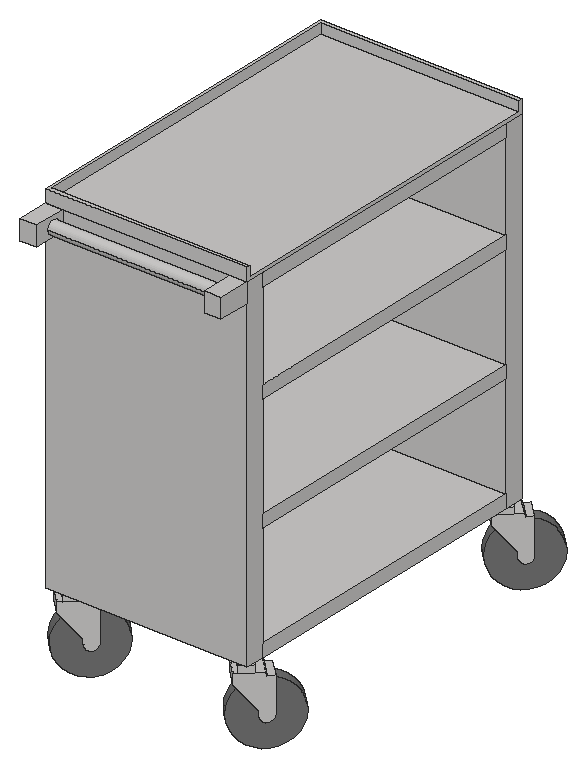
Revit family "QF_Vollrath_97180", category Specialty Equipment, Revit 2016
Family settings
  Part Type = Normal
  Round Connector Dimension = Use Diameter
  OmniClass Number = 23.40.40.14.17
  OmniClass Title = Food Cooking Equipment
  Work Plane-Based = No
  Always vertical = Yes
  Cut with Voids When Loaded = No
  Shared = No
  Room Calculation Point = No
Parameters (values of type "97180")
  Width [instance] = 15.50"
  Weight in Pounds = 47.1
  Watermarked By = "http://revitwatermark.com"
  URL Cutsheet = ""
  URL = ""
  Status [instance] = ""
  Specification by User [instance] = ""
  Specification by Manufacturer [instance] = ""
  Serial Number [instance] = ""
  Seismic Rating [instance] = ""
  Revision Code [instance] = ""
  NAFEM Spec ID Number [instance] = ""
  Model = "97180"
  Masterspec = ""
  Manufacturer = "Vollrath"
  Item Number [instance] = "-"
  Installed By [instance] = ""
  Identify Quantity as Lot [instance] = no
  Furnished By [instance] = ""
  Foodservice Equipment Identifier [instance] = yes
  Description = "Cart, Bussing"
  Depth [instance] = 39.25"
  CSI MasterFormat = "11 48 13"
  Assembly Code = "E1090320"
Reference planes (in)
  plane 1 "BACK": y = -5.62
  plane 2: z = 0
  plane 3 "LEFT": x = 0
  plane 4 "TOP": z = 33.63
  plane 5 "RIGHT": x = 15.5
  plane 6 "FRONT": y = -32.09
  plane 7: z = 6
  plane 8: z = 7
  plane 9: x = 1.5
  plane 10: y = -7.12
  plane 11: x = 14
  plane 12: y = -30.59
  plane 13: y = -18.855
  plane 14: z = 19.56
  plane 15: y = -34.59
  plane 16: z = 14.94
  plane 17: z = 23.88
  plane 18: z = 32.63
Forms (in)
  Extrusion 1, solid, material "QF_Finishes_Stainless Steel"
    sketch origin (0, 0, 42.38) x (-1, 0, 0) y (0, -1, 0)
      loop
        line (-1.5, 7.12) -> (-1.5, 30.59) -> (-14, 30.59) -> (-15.5, 30.59) -> (-15.5, 7.12) -> (-14, 7.12) -> (-1.5, 7.12)
    from -10.75 to -9.75
  Extrusion 2, solid, material "QF_Finishes_Stainless Steel"
    sketch origin (0, 0, 16.75) x (-1, 0, 0) y (0, -1, 0)
      loop
        line (-1.5, 7.12) -> (-15.5, 7.12) -> (-15.5, 5.62) -> (0, 5.62) -> (0, 32.09) -> (-15.5, 32.09) -> (-15.5, 30.59) -> (-1.5, 30.59) -> (-1.5, 7.12)
    from -10.75 to 15.88
  Extrusion 3, solid, material "QF_Finishes_Stainless Steel"
    sketch origin (0, 0, 25.69) x (-1, 0, 0) y (0, -1, 0)
      loop
        line (-1.5, 7.12) -> (-1.5, 30.59) -> (-14, 30.59) -> (-15.5, 30.59) -> (-15.5, 7.12) -> (-14, 7.12) -> (-1.5, 7.12)
    from -10.75 to -9.75
  Extrusion 4, solid, material "QF_Finishes_Stainless Steel"
    sketch origin (0, 0, 16.75) x (-1, 0, 0) y (0, -1, 0)
      loop
        line (-1.5, 7.12) -> (-1.5, 30.59) -> (-14, 30.59) -> (-15.5, 30.59) -> (-15.5, 7.12) -> (-14, 7.12) -> (-1.5, 7.12)
    from -10.75 to -9.75
  Extrusion 5, solid, material "QF_Finishes_Stainless Steel"
    sketch origin (0, 0, 0) x (0, 1, 0) y (0, 0, 1)
      loop
        line (-32.09, 31.13) -> (-32.09, 32.63) -> (-34.59, 32.63) -> (-34.59, 31.13) -> (-32.09, 31.13)
    from 0 to 1.27197
  Extrusion 6, solid, material "QF_Finishes_Stainless Steel"
    sketch origin (21.31638, 0, 0) x (0, 1, 0) y (0, 0, 1)
      loop
        line (-32.09, 31.13) -> (-32.09, 32.63) -> (-34.59, 32.63) -> (-34.59, 31.13) -> (-32.09, 31.13)
    from -7.08836 to -5.81638
  Extrusion 7, solid, material "QF_Finishes_Stainless Steel"
    sketch origin (0, 0, 0) x (0, 1, 0) y (0, 0, 1)
      loop
        circle (-33.06025, 31.86636) r 0.5
    from 1.27197 to 14.22803
  Extrusion 8, solid, material "QF_Finishes_Stainless Steel"
    sketch origin (0, 0, 34.63) x (-1, 0, 0) y (0, -1, 0)
      loop
        line (-1.5, 7.12) -> (-1.5, 30.59) -> (-14, 30.59) -> (-15.5, 30.59) -> (-15.5, 7.12) -> (-14, 7.12) -> (-1.5, 7.12)
    from -10.75 to -9.75
  Sweep 9, solid, material "QF_Finishes_Stainless Steel"
    path origin (0, 0, 0) x (1, 0, 0) y (0, 1, 0)
      loop
        line (15.5, -5.62) -> (0, -5.62) -> (0, -32.09) -> (15.5, -32.09)
    profile origin (7.75, -5.62, 0) x (0, -1, 0) y (0, 0, 1)
      loop
        line (1.5, 32.63) -> (1.5, 32.88) -> (0.25, 32.88) -> (0.25, 33.63) -> (0, 33.63) -> (0, 32.63) -> (1.5, 32.63)
  Extrusion 10, solid, material "QF_Finishes_Stainless Steel"
    sketch origin (0, 0, 16.75) x (-1, 0, 0) y (0, -1, 0)
      loop
        line (-1.5, 7.12) -> (-1.5, 30.59) -> (-15.5, 30.59) -> (-15.5, 7.12) -> (-1.5, 7.12)
    from 15.88 to 16.13
Cuts and joins
  joined: Sweep 9, Extrusion 10
Lines and regions (in)
  symbolic lines
    curve 1: line (0, -5.62, 16.75) -> (0, -32.09, 16.75)
    curve 2: line (15.5, -32.09, 16.75) -> (15.5, -5.62, 16.75)
    curve 3: line (0, -32.09, 16.75) -> (15.5, -32.09, 16.75)
    curve 4: line (14.22803, -33.59, 16.75) -> (1.27197, -33.59, 16.75)
    curve 5: line (1.27197, -34.59, 16.75) -> (1.27197, -32.09, 16.75)
    curve 6: line (1.27197, -34.59, 16.75) -> (0, -34.59, 16.75)
    curve 7: line (0, -32.09, 16.75) -> (0, -34.59, 16.75)
    curve 8: line (1.27197, -32.59, 16.75) -> (14.22803, -32.59, 16.75)
    curve 12: line (15.5, -5.62, 16.75) -> (0, -5.62, 16.75)
  symbolic lines, style "SpecialityEquipment"
    curve 9: line (14.22803, -32.09, 16.75) -> (14.22803, -34.59, 16.75)
    curve 10: line (14.22803, -34.59, 16.75) -> (15.5, -34.59, 16.75)
    curve 11: line (15.5, -34.59, 16.75) -> (15.5, -32.09, 16.75)
Dimensions and locks (in)
  plane 4 "TOP" to level = 33.63"
  "Width": plane 3 "LEFT" to plane 5 "RIGHT"
  plane 10 to plane 1 "BACK" = 1.50"
  plane 6 "FRONT" to plane 12 = 1.50"
  plane 6 "FRONT" to plane 1 "BACK" = 26.47"
  equal spacing: plane 6 "FRONT", plane 13, plane 1 "BACK"
  Extrusion 5 to plane 6 "FRONT" = 2.50"
  plane 3 "LEFT" to plane 9 = 1.50"
  plane 11 to plane 5 "RIGHT" = 1.50"
  aligned and locked: level to plane 2
Automatic sketch dimensions
  Extrusion 1 sketch curve to plane 5 "RIGHT" = 0.00"
  plane 1 "BACK" to Extrusion 1 sketch curve = 1.50"
  Extrusion 1 sketch curve to plane 11 = 0.00"  (x4)
  plane 3 "LEFT" to Extrusion 1 sketch curve = 1.50"
  plane 10 to Extrusion 1 sketch curve = 0.00"  (x2)
  plane 12 to Extrusion 1 sketch curve = 0.00"  (x3)
  Extrusion 3 sketch curve to plane 5 "RIGHT" = 0.00"
  plane 1 "BACK" to Extrusion 3 sketch curve = 1.50"
  Extrusion 3 sketch curve to plane 11 = 0.00"  (x4)
  plane 3 "LEFT" to Extrusion 3 sketch curve = 1.50"
  plane 10 to Extrusion 3 sketch curve = 0.00"  (x2)
  plane 12 to Extrusion 3 sketch curve = 0.00"  (x3)
  Extrusion 4 sketch curve to plane 5 "RIGHT" = 0.00"
  plane 1 "BACK" to Extrusion 4 sketch curve = 1.50"
  Extrusion 4 sketch curve to plane 11 = 0.00"  (x4)
  plane 3 "LEFT" to Extrusion 4 sketch curve = 1.50"
  plane 10 to Extrusion 4 sketch curve = 0.00"  (x2)
  plane 12 to Extrusion 4 sketch curve = 0.00"  (x3)
  Extrusion 5 sketch curve to plane 15 = 0.00"
  Extrusion 5 sketch curve to plane 6 "FRONT" = 0.00"
  Extrusion 5 sketch curve to plane 4 "TOP" = 2.50"
  Extrusion 5 sketch curve to plane 4 "TOP" = 1.00"
  Extrusion 6 sketch curve to plane 15 = 0.00"
  Extrusion 6 sketch curve to plane 6 "FRONT" = 0.00"
  Extrusion 6 sketch curve to plane 4 "TOP" = 2.50"
  Extrusion 6 sketch curve to plane 4 "TOP" = 1.00"
  plane 6 "FRONT" to Extrusion 7 sketch curve = 0.97025"
  Extrusion 7 sketch curve to plane 4 "TOP" = 1.76364"
  Extrusion 8 sketch curve to plane 5 "RIGHT" = 0.00"
  plane 1 "BACK" to Extrusion 8 sketch curve = 1.50"
  Extrusion 8 sketch curve to plane 11 = 0.00"  (x4)
  plane 3 "LEFT" to Extrusion 8 sketch curve = 1.50"
  plane 10 to Extrusion 8 sketch curve = 0.00"  (x2)
  plane 12 to Extrusion 8 sketch curve = 0.00"  (x3)
  Extrusion 2 sketch curve to plane 5 "RIGHT" = 0.00"  (x2)
  Extrusion 2 sketch curve to plane 9 = 0.00"
  plane 1 "BACK" to Extrusion 2 sketch curve = 0.00"
  Extrusion 2 sketch curve to plane 3 "LEFT" = 0.00"
  plane 10 to Extrusion 2 sketch curve = 0.00"
  plane 12 to Extrusion 2 sketch curve = 0.00"
  plane 6 "FRONT" to Extrusion 2 sketch curve = 0.00"
  Extrusion 8 sketch curve to plane 9 = 0.00"  (x2)
  Extrusion 3 sketch curve to plane 9 = 0.00"  (x2)
  Extrusion 4 sketch curve to plane 9 = 0.00"  (x2)
  Extrusion 1 sketch curve to plane 9 = 0.00"  (x2)
  plane 1 "BACK" to Sweep 9 sketch curve = 0.00"
  Sweep 9 sketch curve to plane 3 "LEFT" = 0.00"
  Sweep 9 sketch curve to plane 5 "RIGHT" = 0.00"  (x2)
  plane 6 "FRONT" to Sweep 9 sketch curve = 0.00"
  Sweep 9 sketch curve to profile plane = 0.00"
  Sweep 9 sketch curve to Sweep 9 sketch curve = 0.25"  (x2)
  Sweep 9 sketch curve to Sweep 9 sketch curve = 1.25"
  level to Sweep 9 sketch curve = 32.63"
  Sweep 9 sketch curve to Sweep 9 sketch curve = 0.75"
  curve 11 to plane 5 "RIGHT" = 0.00"
  plane 6 "FRONT" to curve 9 = 0.00"
  curve 9 to plane 15 = 0.00"
  curve 6 to plane 15 = 0.00"
  curve 6 to plane 3 "LEFT" = 0.00"
  plane 1 "BACK" to curve 1 = 0.00"
  plane 11 to curve 4 = 0.22803"
  curve 4 to plane 9 = 0.22803"
  curve 9 to curve 8 = 0.50"
  curve 8 to curve 4 = 1.00"
  Extrusion 10 sketch curve to plane 5 "RIGHT" = 0.00"
  Extrusion 10 sketch curve to plane 9 = 0.00"
  plane 10 to Extrusion 10 sketch curve = 0.00"
  plane 12 to Extrusion 10 sketch curve = 0.00"
  radius of Extrusion 7 sketch curve = 0.50"
Nested families (in)
  nested 1: "FESCaster" at (1, -6.37, 0), type "FESCaster"
    with Height 6.00", Caster Radius 2.50"
  nested 2: "FESCaster" at (14.75, -6.37, 0), type "FESCaster"
    with Height 6.00", Caster Radius 2.50"
  nested 3: "FESCaster" at (1, -31.09, 0), type "FESCaster"
    with Height 6.00", Caster Radius 2.50"
  nested 4: "FESCaster" at (14.75, -31.34, 0), type "FESCaster"
    with Height 6.00", Caster Radius 2.50"
Definition of nested family "FESCaster"
  Parameters
    Watermarked By = "http://revitwatermark.com"
    Type Comments = "⍁⍉⌁⌀⏭⎽⌇⍠⌜⍉⎖⌥⌦⌯⍭⏊⍻⍿⍊⏵⍊⏗⏠⍴⎡⌈⎀⍠⌓⌤⏘⎐⍀⌐⏬⏁⎈⏍⏦⎒⏬⌝⍩⍇⌣〈⎫〉⎁⏊⍥⍖⍥⍝⍦⌖⍀⏌⏭⎝⎼⏷⏞⍻⏯⎽⏷⏞⍻⏯⎽⏷⎺⌻⎝⍎⌧⏷⏟⏿⌿⍜⍦⍤⌁⍬⏶⏎⍊⏚⏉⎞⌡⎀⎪⏈⌟⌿⍾⍼⌟⌿⌢⌞⏞⏝⌻⎸⎻⎷⎳⎻⎛⌞⌼⏚⍿⏸⍨⏷⍡⍺⏼⏅⎏⌽⌻⍽⎝⍮⎧⍏⏳⏲⎼⏈⏋⏙⎏⏽⏘⍹⏞⌜⏼⍴⏶⏮⏿⌁"
    Height [instance] = 6.00"
    Caster Radius [instance] = if(Height < 3.00", 1.00", (Height / 2) - 0.50")  # 2.50"
    Assembly Code = ""
  Reference planes (in)
    plane 1 "Center (Front/Back)": y = 0
    plane 2: z = 0
    plane 3 "Center (Left/Right)": x = 0
    plane 4: z = 6
    plane 5: z = 5.5
  Forms (in)
    Extrusion 1, solid
      sketch origin (-24.12131, -22.88887, 10.18833) x (0.707107, 0.707107, 0) y (0, 0, 1)
        loop
          line (34.98772, -7.68833) -> (34.98772, -4.93833) -> (34.48772, -4.93833) -> (34.39402, -4.68833) -> (32.39402, -4.68833) -> (32.39402, -5.43833) -> (33.98772, -7.34206) -> (33.98772, -7.68833)
          arc (33.98772, -7.68833) -> (34.48772, -8.18833) -> (34.98772, -7.68833) r 0.5
      from 0 to 1.75
    Extrusion 2, solid
      sketch origin (-24.32327, -23.09083, 13.31461) x (0.707107, 0.707107, 0) y (0, 0, 1)
        loop
          circle (34.77334, -10.81461) r 2.5
      from 0.375 to 1.375
    Extrusion 3, solid
      sketch origin (-7.24148, -8.48391, 0) x (0.707107, 0.707107, 0) y (0, 0, 1)
        loop
          line (10.61603, 5.5) -> (11.61603, 5.5) -> (11.61603, 6) -> (10.61603, 6) -> (10.61603, 5.5)
      from 0 to -1.75
  Lines and regions (in)
    symbolic lines
      curve 1: line (-1.26158, -0.51911, 0) -> (1.39007, 2.13254, 0)
      curve 2: line (-0.53429, -1.24639, 0) -> (2.11736, 1.40526, 0)
      curve 3: line (-1.26158, -0.51911, 0) -> (1.39007, 2.13254, 0)
      curve 4: line (-0.53429, -1.24639, 0) -> (2.11736, 1.40526, 0)
  Dimensions and locks (in)
    locked: plane 4 to plane 5 at 0.5
    "Height": plane 4 to level
    "Caster Radius": Extrusion 2 sketch curve to level
    "Caster Radius": Extrusion 1 sketch curve to level
    "Caster Radius": radius of Extrusion 2 sketch curve
    aligned and locked: plane 2 to level
    aligned and locked: Extrusion 3 to plane 5
    aligned and locked: plane 4 to Extrusion 3
    aligned and locked: plane 5 to Extrusion 1
  Automatic sketch dimensions
    plane 1 "Center (Front/Back)" to curve 3 = 0.51911"
    curve 3 to plane 3 "Center (Left/Right)" = 1.26158"
    plane 1 "Center (Front/Back)" to curve 1 = 0.51911"
    curve 1 to curve 3 = 0.00"  (x3)
    curve 4 to plane 3 "Center (Left/Right)" = 0.53429"
    curve 2 to curve 4 = 0.00"  (x2)
    plane 3 "Center (Left/Right)" to curve 3 = 1.39007"
    curve 1 to curve 4 = 0.72729"
    curve 2 to curve 1 = 0.72729"
    curve 4 to curve 2 = 0.00"  (x2)
    curve 2 to plane 1 "Center (Front/Back)" = 1.40526"
    curve 2 to curve 3 = 0.72729"
    plane 5 to Extrusion 1 sketch curve = 0.00"
    Extrusion 1 sketch curve to Extrusion 1 sketch curve = 1.5937"
    Extrusion 1 sketch curve to Extrusion 1 sketch curve = 2.00"
    Extrusion 1 sketch curve to Extrusion 1 sketch curve = 0.0937"
    Extrusion 1 sketch curve to Extrusion 1 sketch curve = 0.50"
    Extrusion 1 sketch curve to Extrusion 1 sketch curve = 0.34627"
    Extrusion 1 sketch curve to plane 5 = 0.75"
    Extrusion 1 sketch curve to plane 5 = 0.25"
    Extrusion 3 sketch curve to plane 5 = 0.00"
    plane 4 to Extrusion 3 sketch curve = 0.00"
    Extrusion 3 sketch curve to Extrusion 3 sketch curve = 1.00"
